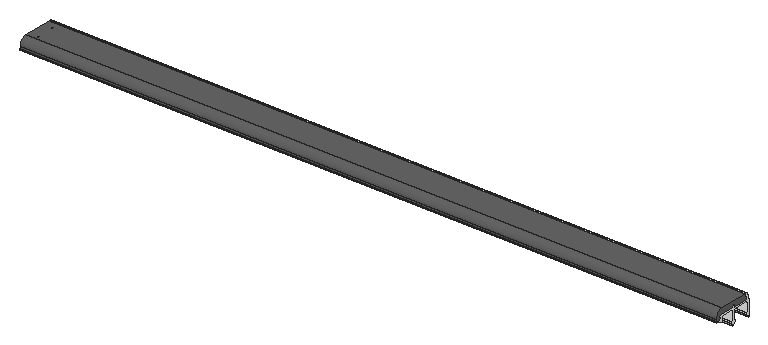
Revit family "Stair_Tread-Wooster-Spectra_Safety_Treads-WP2C", category Specialty Equipment, host Face, Revit 2017
Family settings
  Host = Face
  Round Connector Dimension = Use Diameter
  Part Type = Normal
  OmniClass Number = 23.30.70.21.11.11.11
  OmniClass Title = Stair Nosings
  Cut with Voids When Loaded = No
  Shared = No
  Room Calculation Point = No
Parameters (values of type "WP2C")
  Width [instance] = 0' - 2 1/16"  # constant formula
  Version = "2017 - v2.0a"  # constant formula
  URL = "http://www.wooster-products.com/"
  Support Phone = "(224) 699-9545"  # constant formula
  Support Email = "mailto:support@anguleris.com"
  Safety Tread [instance] = Filler - Wooster - Black - Abrasive Filler
  Product Page URL = "http://www.woosterproducts.com/products/extruded-aluminum/spectra/"
  Product Name = "Spectra Nosings"  # constant formula
  Product Documentation Link = "http://www.woosterproducts.com/spec/WP2C.pdf"
  Model = "WP2C"
  Material = ""
  Manufacturer Phone Number = "1-800-321-4936 or 330-264-2844"  # constant formula
  Manufacturer Fax Number = "330-262-4151"  # constant formula
  Manufacturer Email = "mailto:tim@wooster-products.com"
  Manufacturer Address = "1000 Spruce Street, P.O. BOX 6005, Wooster, OH. 44691"  # constant formula
  Manufacturer = "Wooster Productions Inc"  # constant formula
  Length Constraint [instance] = if(Length > 10' 0", 10' 0", Length)  # 3' - 0"
  Length [instance] = 3' - 0"
  Description = "Anti-Slip Stair Nosing"  # constant formula
  Depth = 0' - 0 3/8"  # constant formula
  Default Elevation = 0' - 0"  # constant formula
  Copyright = "Wooster Products Inc. 2019"  # constant formula
  Construction Type = "New Construction"  # constant formula
Values of the unnamed type that differ from the named types
  Support Email = ""
  Product Page URL = "http://www.wooster-products.com/Spectra_Safety_Treads.html"
  Product Documentation Link = "http://wooster-products.com/pub/Specs/WP2C.pdf"
  Manufacturer Email = ""
Reference planes (in)
  plane 1 "Center (Front/Back)": y = 0
  plane 2: z = 0
  plane 3 "Center (Left/Right)": x = 0
  plane 4 "Left": x = -18
  plane 5 "Right": x = 18
  plane 6 "Back": y = 1.03125
  plane 7 "Front": y = -1.03125
  plane 8 "Bottom": z = -0.35937
  plane 9: z = 0.01562
Forms (in)
  Sweep 1, solid, material "Filler - Wooster - Black - Abrasive Filler" <- "Safety Tread"
    path origin (0, 1.03125, 0.01562) x (-1, 0, 0) y (0, -1, 0)
      loop
        line (-18, 0) -> (18, 0)
    profile "WP2C Abrasive Filler : WP2C Abrasive Filler" origin (0, 1.03125, 0.01562) x (0, -1, 0) y (0, 0, 1)
      loop
        line (0.16344, 0) -> (0.08192, -0.30461) -> (0.93288, -0.30461) -> (0.90786, -0.21123) -> (1.03286, -0.21123) -> (1.00784, -0.30461) -> (1.61786, -0.30461)
        arc (1.61786, -0.30461) -> (1.67933, -0.31455) -> (1.73454, -0.34338) r 0.19497
        line (1.73454, -0.34338) -> (1.74441, -0.30654) -> (1.81088, -0.373) -> (1.77405, -0.38287)
        arc (1.77405, -0.38287) -> (1.80657, -0.45048) -> (1.81115, -0.52537) r 0.195
        line (1.81115, -0.52537) -> (2.06288, -0.45792) -> (2.06288, -0.37595)
        arc (2.06288, -0.37595) -> (1.95731, -0.11463) -> (1.69983, 0) r 0.37618
        line (1.69983, 0) -> (0.16344, 0)
  Sweep 2, void
    path origin (0, 1.03125, 0.01562) x (-1, 0, 0) y (0, -1, 0)
      loop
        line (18, 0) -> (-18, 0)
    profile "WP2C Void : WP2C Void" origin (0, 1.03125, 0.01562) x (0, 1, 0) y (0, 0, 1)
      loop
        line (-1.74288, -0.61366) -> (-1.74288, -0.50023)
        arc (-1.74288, -0.50023) -> (-1.70627, -0.41184) -> (-1.61788, -0.37523) r 0.125
        line (-1.61788, -0.37523) -> (0, -0.37523) -> (-0.10054, 0) -> (-0.16344, 0) -> (-2.06288, 0) -> (-2.06288, -0.52792) -> (-1.74288, -0.61366)
  Sweep 3, solid, material "Metal - Wooster - Extruded Aluminum"
    path origin (0, 1.03125, 0.01562) x (-1, 0, 0) y (0, -1, 0)
      loop
        line (18, 0) -> (-18, 0)
    profile "WP2C Aluminum Base : WP2C Aluminum Base" origin (0, 1.03125, 0.01562) x (0, 1, 0) y (0, 0, 1)
      loop
        line (-1.74288, -0.61366) -> (-1.74288, -0.50023)
        arc (-1.74288, -0.50023) -> (-1.70627, -0.41184) -> (-1.61788, -0.37523) r 0.125
        line (-1.61788, -0.37523) -> (-1.04857, -0.37523)
        arc (-1.04857, -0.37523) -> (-1.01533, -0.38899) -> (-1.00157, -0.42223) r 0.047
        line (-1.00157, -0.42223) -> (-1.00157, -1.00559) -> (-1.09532, -0.91184) -> (-1.09532, -1.00023) -> (-0.97032, -1.12523) -> (-0.84532, -1.00023) -> (-0.84532, -0.91184) -> (-0.93907, -1.00559) -> (-0.93907, -0.42222)
        arc (-0.93907, -0.42222) -> (-0.9253, -0.38899) -> (-0.89207, -0.37523) r 0.047
        line (-0.89207, -0.37523) -> (-0.1095, -0.37523)
        arc (-0.1095, -0.37523) -> (-0.07627, -0.38899) -> (-0.0625, -0.42223) r 0.047
        line (-0.0625, -0.42223) -> (-0.0625, -0.97363) -> (-0.125, -0.91114) -> (-0.125, -1.00023) -> (0, -1.12523) -> (0, -0.37523) -> (-0.10054, 0) -> (-0.16344, 0) -> (-0.08192, -0.30461) -> (-0.93288, -0.30461) -> (-0.90786, -0.21123) -> (-1.03286, -0.21123) -> (-1.00784, -0.30461) -> (-1.61786, -0.30461)
        arc (-1.61786, -0.30461) -> (-1.67933, -0.31455) -> (-1.73454, -0.34338) r 0.19497
        line (-1.73454, -0.34338) -> (-1.74441, -0.30654) -> (-1.81088, -0.373) -> (-1.77405, -0.38287)
        arc (-1.77405, -0.38287) -> (-1.80657, -0.45048) -> (-1.81115, -0.52537) r 0.195
        line (-1.81115, -0.52537) -> (-2.06288, -0.45792) -> (-2.06288, -0.52792) -> (-1.74288, -0.61366)
Lines and regions (in)
  Masking region 1
    outline origin (0, 0, 0) x (1, 0, 0) y (0, 1, 0)
      loop
        line (-18, 1.03125) -> (-18, -1.03125) -> (18, -1.03125) -> (18, 1.03125) -> (-18, 1.03125)
Dimensions and locks (in)
  equal spacing: plane 4 "Left", plane 3 "Center (Left/Right)", plane 5 "Right"
  "Length Constraint": plane 4 "Left" to plane 5 "Right"
  equal spacing: plane 7 "Front", plane 1 "Center (Front/Back)", plane 6 "Back"
  "Width": plane 7 "Front" to plane 6 "Back"
  "Depth": plane 8 "Bottom" to plane 9
  locked: plane 2 to plane 8 "Bottom" at 0.35937
  aligned and locked: plane 2 to host face
  aligned and locked: level to host face
  aligned and locked: plane 6 "Back" to Sweep 1 sketch curve
  aligned and locked: plane 5 "Right" to Sweep 1 sketch curve
  aligned and locked: plane 4 "Left" to Sweep 1 sketch curve
  aligned and locked: Sweep 2 sketch curve to plane 6 "Back"
  aligned and locked: plane 4 "Left" to Sweep 2 sketch curve
  aligned and locked: plane 5 "Right" to Sweep 2 sketch curve
  aligned and locked: Sweep 3 sketch curve to plane 6 "Back"
  aligned and locked: plane 4 "Left" to Sweep 3 sketch curve
  aligned and locked: plane 5 "Right" to Sweep 3 sketch curve
  aligned and locked: Masking region 1 sketch curve to plane 6 "Back"
  aligned and locked: Masking region 1 sketch curve to plane 7 "Front"
  aligned and locked: plane 5 "Right" to Masking region 1 sketch curve
  aligned and locked: plane 4 "Left" to Masking region 1 sketch curve
Automatic sketch dimensions
  host sketch curve to host sketch curve = 8' - 0"
  host sketch curve to host sketch curve = 4' - 0"
